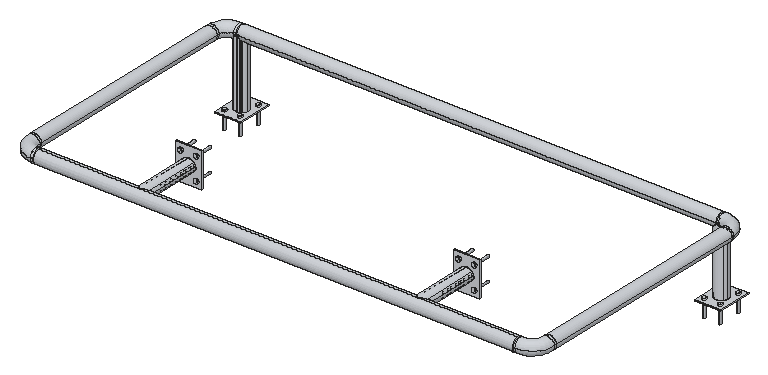
Revit family "АВЛН_Колесоотбойник_Крепление к стене", category Каркас несущий, Revit 2019
Family settings
  Округление длины несущего каркаса = 0 мм
  Форма сечения = Не задано
  Материал для поведения модели = Прочее
  Всегда экспортировать в виде геометрии = Нет
  На основе рабочей плоскости = Нет
  Всегда вертикально = Да
  При загрузке вырезать с полостями = Нет
  Условное обозначение = Из семейства
  Общий = Нет
  Показывать семейство разрезанным на планах = Да
Parameters (values of type "Тест")
  Ширина вспомогательная = ADSK_Размер_Ширина - r.профиля  # 1462 mm
  Смещение горизонтальных опор = 800 mm
  Длина вспомогательная = ADSK_Размер_Длина - r.профиля  # 2962 mm
  Группа модели = "Колесоотбойник"
  Высота вспомогательная = ADSK_Размер_Высота - r.профиля  # 362 mm
  Вынос крепления к стене = 400 mm
  r.профиля = 38 mm  # constant formula
  ADSK_Размер_Ширина = 1500 mm
  ADSK_Размер_Длина = 3000 mm
  ADSK_Размер_Диаметр [instance] = r.профиля * 2  # 76 mm
  ADSK_Размер_Высота = 400 mm
Reference planes
  plane 1 "По центру (Вперед/Назад)": y = 0
  plane 2: z = 0
  plane 3 "По центру (Влево/Вправо)": x = 0
  plane 4: x = -1481
  plane 5: x = 1481
  plane 6: y = 1462
  plane 7: x = -1381
  plane 8: x = 1381
  plane 9: y = 1362
  plane 10: y = 100
  plane 11: z = 400
  plane 12: x = -1751
  plane 13: x = 1751
  plane 14: x = 800
  plane 15: x = -800
Lines and regions (mm)
  symbolic lines, style "Осевые линии", not visible
    curve 1: line (-1631, 1462, 0) -> (1631, 1462, 0)
    curve 4: line (1481, -150, 0) -> (1481, 1612, 0)
  symbolic lines, style "Осевые линии"
    curve 2: line (-1631, 0, 0) -> (1631, 0, 0)
    curve 3: line (-1481, -150, 0) -> (-1481, 1612, 0)
Dimensions and locks
  equal spacing: plane 4, plane 3 "По центру (Влево/Вправо)", plane 5
  "Длина вспомогательная": plane 4 to plane 5
  "Ширина вспомогательная": plane 6 to plane 1 "По центру (Вперед/Назад)"
  locked: plane 4 to plane 7 at 100
  locked: plane 8 to plane 5 at 100
  locked: plane 10 to plane 1 "По центру (Вперед/Назад)" at 100
  "ADSK_Размер_Высота": level to plane 11
  locked: plane 5 to curve 1 at 150
  locked: curve 1 to plane 4 at 150
  locked: plane 5 to curve 2 at 150
  locked: curve 2 to plane 4 at 150
  locked: curve 3 to plane 1 "По центру (Вперед/Назад)" at 150
  locked: curve 3 to plane 6 at 150
  locked: curve 1 to curve 4 at 150
  locked: curve 4 to plane 1 "По центру (Вперед/Назад)" at 150
  locked: plane 5 to plane 13 at 270
  locked: plane 12 to plane 4 at 270
  locked: plane 6 to plane 9 at 100
  equal spacing: plane 15, plane 3 "По центру (Влево/Вправо)", plane 14
  "Смещение горизонтальных опор": plane 15 to plane 3 "По центру (Влево/Вправо)"
  aligned and locked: level to plane 2
  aligned and locked: nested 1 to plane 6
  aligned and locked: plane 6 to nested 7
  aligned and locked: plane 6 to nested 8
  aligned and locked: nested 2 to plane 6
  aligned and locked: nested 16 to plane 5
  aligned and locked: plane 6 to nested 16
  aligned and locked: nested 15 to plane 1 "По центру (Вперед/Назад)"
  aligned and locked: plane 5 to nested 15
  aligned and locked: plane 1 "По центру (Вперед/Назад)" to nested 14
  aligned and locked: plane 4 to nested 14
  aligned and locked: nested 13 to plane 4
  aligned and locked: nested 13 to plane 6
  aligned and locked: curve 1 to plane 6
  aligned and locked: plane 1 "По центру (Вперед/Назад)" to curve 2
  aligned and locked: plane 4 to curve 3
  aligned and locked: plane 5 to curve 4
  aligned and locked: plane 1 "По центру (Вперед/Назад)" to nested 17
  aligned and locked: plane 9 to nested 18
  aligned and locked: nested 18 to plane 5
  aligned and locked: plane 8 to nested 19
  aligned and locked: plane 6 to nested 19
  aligned and locked: plane 9 to nested 20
  aligned and locked: nested 20 to plane 4
  aligned and locked: nested 19 to plane 11
  aligned and locked: nested 17 to plane 11
  aligned and locked: nested 20 to plane 11
  aligned and locked: nested 18 to plane 11
  aligned and locked: plane 8 to nested 17
  aligned and locked: plane 11 to nested 15
  aligned and locked: plane 7 to nested 1
  aligned and locked: plane 8 to nested 7
  aligned and locked: nested 27 to plane 14
  aligned and locked: nested 34 to plane 15
  aligned and locked: plane 11 to nested 34
  aligned and locked: plane 11 to nested 27
  aligned and locked: plane 1 "По центру (Вперед/Назад)" to nested 34
  aligned and locked: plane 1 "По центру (Вперед/Назад)" to nested 27
  aligned and locked: plane 11 to nested 14
  aligned and locked: plane 11 to nested 13
  aligned and locked: plane 11 to nested 16
Nested families
  nested 1: "Соединительны элементы" at (-1381, 1462, 0), Высота поры <- "ADSK_Размер_Высота", Высота <- "ADSK_Размер_Высота", Диаметр <- "ADSK_Размер_Диаметр", type "Опора тип 1"
    with Диаметр 76 mm, Высота поры 400 mm, Высота 400 mm
  nested 2: "Опорная пластина-Ог" at (-1381, 1462, 0), type "Опорная пластина"
    with Ширина 150 mm, Толщина 6 mm, Высота 200 mm, ADSK_Этаж "", ADSK_Размер_Ширина 150 mm, ADSK_Размер_Толщина 6 mm, ADSK_Размер_Длина 200 mm, ADSK_Размер_Высота 200 mm, ADSK_Позиция "", ADSK_Обозначение "ГОСТ 19903-74", ADSK_Номер секции "", ADSK_Наименование "Лист", ADSK_Масса погонного метра 78.5, ADSK_Масса 2.355, ADSK_Марка "", ADSK_Группирование ""
  nested 3: "Дюбель-Ог2" at (-1426, 1397, 8) x (0, 0, -1) z (0, -1, 0), type "Дюбель"
    with Этаж 0, ADSK_Этаж "", ADSK_Размер_Длина 100 mm, ADSK_Размер_Диаметр 12 mm, ADSK_Номер секции "", ADSK_Наименование "Анкер", ADSK_Масса погонного метра 0.9, ADSK_Масса 0.09, ADSK_Марка "", ADSK_Группирование ""
  nested 4: "Дюбель-Ог2" at (-1336, 1397, 8) x (0, 0, -1) z (0, -1, 0), type "Дюбель"
    with Этаж 0, ADSK_Этаж "", ADSK_Размер_Длина 100 mm, ADSK_Размер_Диаметр 12 mm, ADSK_Номер секции "", ADSK_Наименование "Анкер", ADSK_Масса погонного метра 0.9, ADSK_Масса 0.09, ADSK_Марка "", ADSK_Группирование ""
  nested 5: "Дюбель-Ог2" at (-1426, 1527, 8) x (0, 0, -1) z (0, -1, 0), type "Дюбель"
    with Этаж 0, ADSK_Этаж "", ADSK_Размер_Длина 100 mm, ADSK_Размер_Диаметр 12 mm, ADSK_Номер секции "", ADSK_Наименование "Анкер", ADSK_Масса погонного метра 0.9, ADSK_Масса 0.09, ADSK_Марка "", ADSK_Группирование ""
  nested 6: "Дюбель-Ог2" at (-1336, 1527, 8) x (0, 0, -1) z (0, -1, 0), type "Дюбель"
    with Этаж 0, ADSK_Этаж "", ADSK_Размер_Длина 100 mm, ADSK_Размер_Диаметр 12 mm, ADSK_Номер секции "", ADSK_Наименование "Анкер", ADSK_Масса погонного метра 0.9, ADSK_Масса 0.09, ADSK_Марка "", ADSK_Группирование ""
  nested 7: "Соединительны элементы" at (1381, 1462, 0) x (-1, 0, 0) z (0, 0, 1), Высота поры <- "ADSK_Размер_Высота", Диаметр <- "ADSK_Размер_Диаметр", Высота <- "ADSK_Размер_Высота", type "Опора тип 1"
    with Диаметр 76 mm, Высота поры 400 mm, Высота 400 mm
  nested 8: "Опорная пластина-Ог" at (1381, 1462, 0) x (-1, 0, 0) z (0, 0, 1), type "Опорная пластина"
    with Ширина 150 mm, Толщина 6 mm, Высота 200 mm, ADSK_Этаж "", ADSK_Размер_Ширина 150 mm, ADSK_Размер_Толщина 6 mm, ADSK_Размер_Длина 200 mm, ADSK_Размер_Высота 200 mm, ADSK_Позиция "", ADSK_Обозначение "ГОСТ 19903-74", ADSK_Номер секции "", ADSK_Наименование "Лист", ADSK_Масса погонного метра 78.5, ADSK_Масса 2.355, ADSK_Марка "", ADSK_Группирование ""
  nested 9: "Дюбель-Ог2" at (1426, 1397, 8) x (0, 0, -1) z (0, -1, 0), type "Дюбель"
    with Этаж 0, ADSK_Этаж "", ADSK_Размер_Длина 100 mm, ADSK_Размер_Диаметр 12 mm, ADSK_Номер секции "", ADSK_Наименование "Анкер", ADSK_Масса погонного метра 0.9, ADSK_Масса 0.09, ADSK_Марка "", ADSK_Группирование ""
  nested 10: "Дюбель-Ог2" at (1336, 1397, 8) x (0, 0, -1) z (0, -1, 0), type "Дюбель"
    with Этаж 0, ADSK_Этаж "", ADSK_Размер_Длина 100 mm, ADSK_Размер_Диаметр 12 mm, ADSK_Номер секции "", ADSK_Наименование "Анкер", ADSK_Масса погонного метра 0.9, ADSK_Масса 0.09, ADSK_Марка "", ADSK_Группирование ""
  nested 11: "Дюбель-Ог2" at (1426, 1527, 8) x (0, 0, -1) z (0, -1, 0), type "Дюбель"
    with Этаж 0, ADSK_Этаж "", ADSK_Размер_Длина 100 mm, ADSK_Размер_Диаметр 12 mm, ADSK_Номер секции "", ADSK_Наименование "Анкер", ADSK_Масса погонного метра 0.9, ADSK_Масса 0.09, ADSK_Марка "", ADSK_Группирование ""
  nested 12: "Дюбель-Ог2" at (1336, 1527, 8) x (0, 0, -1) z (0, -1, 0), type "Дюбель"
    with Этаж 0, ADSK_Этаж "", ADSK_Размер_Длина 100 mm, ADSK_Размер_Диаметр 12 mm, ADSK_Номер секции "", ADSK_Наименование "Анкер", ADSK_Масса погонного метра 0.9, ADSK_Масса 0.09, ADSK_Марка "", ADSK_Группирование ""
  nested 13: "Соединительны элементы" at (-1438.882, 1419.95, 0) x (-1, 0, 0) z (0, 0, 1), Высота поры <- "ADSK_Размер_Высота", Высота <- "ADSK_Размер_Высота", Диаметр <- "ADSK_Размер_Диаметр", type "Соединительная деталь"
    with Диаметр 76 mm, Высота поры 400 mm, Высота 400 mm
  nested 14: "Соединительны элементы" at (-1438.95, 42.118, 0) x (0, -1, 0) z (0, 0, 1), Высота поры <- "ADSK_Размер_Высота", Высота <- "ADSK_Размер_Высота", Диаметр <- "ADSK_Размер_Диаметр", type "Соединительная деталь"
    with Диаметр 76 mm, Высота поры 400 mm, Высота 400 mm
  nested 15: "Соединительны элементы" at (1438.882, 42.05, 0), Высота поры <- "ADSK_Размер_Высота", Высота <- "ADSK_Размер_Высота", Диаметр <- "ADSK_Размер_Диаметр", type "Соединительная деталь"
    with Диаметр 76 mm, Высота поры 400 mm, Высота 400 mm
  nested 16: "Соединительны элементы" at (1438.95, 1419.882, 0) x (0, 1, 0) z (0, 0, 1), Высота поры <- "ADSK_Размер_Высота", Высота <- "ADSK_Размер_Высота", Диаметр <- "ADSK_Размер_Диаметр", type "Соединительная деталь"
    with Диаметр 76 mm, Высота поры 400 mm, Высота 400 mm
  nested 17: "Труба" at (-1381, 0, 400) x (0, 0, -1) z (1, 0, 0), ADSK_Размер_Диаметр <- "ADSK_Размер_Диаметр", type "Труба Круглая"
    with Ширина 0 mm, Высота 0 mm, ADSK_Этаж "", ADSK_Размер_Ширина 0 mm, ADSK_Размер_Длина 2762 mm, ADSK_Размер_Диаметр 76 mm, ADSK_Позиция "", ADSK_Обозначение "ГОСТ 8732-78", ADSK_Номер секции "", ADSK_Наименование "Труба круглого сечения", ADSK_Масса погонного метра 5.4, ADSK_Масса 14.9148, ADSK_Марка "", ADSK_Группирование ""
  nested 18: "Труба" at (1481, 100, 400) x (-1, 0, 0) z (0, 1, 0), ADSK_Размер_Диаметр <- "ADSK_Размер_Диаметр", type "Труба Круглая"
    with Ширина 0 mm, Высота 0 mm, ADSK_Этаж "", ADSK_Размер_Ширина 0 mm, ADSK_Размер_Длина 1262 mm, ADSK_Размер_Диаметр 76 mm, ADSK_Позиция "", ADSK_Обозначение "ГОСТ 8732-78", ADSK_Номер секции "", ADSK_Наименование "Труба круглого сечения", ADSK_Масса погонного метра 5.4, ADSK_Масса 6.8148, ADSK_Марка "", ADSK_Группирование ""
  nested 19: "Труба" at (-1381, 1462, 400) x (0, 1, 0) z (1, 0, 0), built-in parameter 1001360 <- "ADSK_Размер_Высота", ADSK_Размер_Диаметр <- "ADSK_Размер_Диаметр", type "Труба Круглая"
    with Ширина 0 mm, Высота 0 mm, ADSK_Этаж "", ADSK_Размер_Ширина 0 mm, ADSK_Размер_Длина 2762 mm, ADSK_Размер_Диаметр 76 mm, ADSK_Позиция "", ADSK_Обозначение "ГОСТ 8732-78", ADSK_Номер секции "", ADSK_Наименование "Труба круглого сечения", ADSK_Масса погонного метра 5.4, ADSK_Масса 14.9148, ADSK_Марка "", ADSK_Группирование ""
  nested 20: "Труба" at (-1481, 100, 400) x (-1, 0, 0) z (0, 1, 0), ADSK_Размер_Диаметр <- "ADSK_Размер_Диаметр", type "Труба Круглая"
    with Ширина 0 mm, Высота 0 mm, ADSK_Этаж "", ADSK_Размер_Ширина 0 mm, ADSK_Размер_Длина 1262 mm, ADSK_Размер_Диаметр 76 mm, ADSK_Позиция "", ADSK_Обозначение "ГОСТ 8732-78", ADSK_Номер секции "", ADSK_Наименование "Труба круглого сечения", ADSK_Масса погонного метра 5.4, ADSK_Масса 6.8148, ADSK_Марка "", ADSK_Группирование ""
  nested 21: "Отвод" at (-1438.882, 1419.95, 40.85) x (-1, 0, 0) z (0, 0, 1), type "Отвод"
    with ADSK_Этаж "", ADSK_Размер_Длина 0 mm, ADSK_Размер_Диаметр 76 mm, ADSK_Позиция "", ADSK_Обозначение "ГОСТ 17375-2001", ADSK_Номер секции "", ADSK_Наименование "Отвод круглого сечения 90", ADSK_Материал обозначение "", ADSK_Масса погонного метра 0, ADSK_Масса 0.8
  nested 22: "Отвод" at (-1438.95, 42.118, 40.85) x (0, -1, 0) z (0, 0, 1), type "Отвод"
    with ADSK_Этаж "", ADSK_Размер_Длина 0 mm, ADSK_Размер_Диаметр 76 mm, ADSK_Позиция "", ADSK_Обозначение "ГОСТ 17375-2001", ADSK_Номер секции "", ADSK_Наименование "Отвод круглого сечения 90", ADSK_Материал обозначение "", ADSK_Масса погонного метра 0, ADSK_Масса 0.8
  nested 23: "Отвод" at (1438.882, 42.05, 40.85), type "Отвод"
    with ADSK_Этаж "", ADSK_Размер_Длина 0 mm, ADSK_Размер_Диаметр 76 mm, ADSK_Позиция "", ADSK_Обозначение "ГОСТ 17375-2001", ADSK_Номер секции "", ADSK_Наименование "Отвод круглого сечения 90", ADSK_Материал обозначение "", ADSK_Масса погонного метра 0, ADSK_Масса 0.8
  nested 24: "Отвод" at (1438.95, 1419.882, 40.85) x (0, 1, 0) z (0, 0, 1), type "Отвод"
    with ADSK_Этаж "", ADSK_Размер_Длина 0 mm, ADSK_Размер_Диаметр 76 mm, ADSK_Позиция "", ADSK_Обозначение "ГОСТ 17375-2001", ADSK_Номер секции "", ADSK_Наименование "Отвод круглого сечения 90", ADSK_Материал обозначение "", ADSK_Масса погонного метра 0, ADSK_Масса 0.8
  nested 25: "Труба" at (-1381, 1462, 0), type "Труба Круглая"
    with Ширина 0 mm, Высота 0 mm, ADSK_Этаж "", ADSK_Размер_Ширина 0 mm, ADSK_Размер_Длина 400 mm, ADSK_Размер_Диаметр 76 mm, ADSK_Позиция "", ADSK_Обозначение "ГОСТ 8732-78", ADSK_Номер секции "", ADSK_Наименование "Труба круглого сечения", ADSK_Масса погонного метра 5.4, ADSK_Масса 2.16, ADSK_Марка "", ADSK_Группирование ""
  nested 26: "Труба" at (1381, 1462, 0) x (-1, 0, 0) z (0, 0, 1), type "Труба Круглая"
    with Ширина 0 mm, Высота 0 mm, ADSK_Этаж "", ADSK_Размер_Ширина 0 mm, ADSK_Размер_Длина 400 mm, ADSK_Размер_Диаметр 76 mm, ADSK_Позиция "", ADSK_Обозначение "ГОСТ 8732-78", ADSK_Номер секции "", ADSK_Наименование "Труба круглого сечения", ADSK_Масса погонного метра 5.4, ADSK_Масса 2.16, ADSK_Марка "", ADSK_Группирование ""
  nested 27: "Соединительны элементы" at (800, 362, 400) x (-1, 0, 0) z (0, -1, 0), Диаметр <- "ADSK_Размер_Диаметр", Высота <- "Вынос крепления к стене", type "Опора тип 1"
    with Диаметр 76 mm, Высота поры 362 mm, Высота 400 mm
  nested 28: "Опорная пластина-Ог" at (800, 362, 400) x (-1, 0, 0) z (0, -1, 0), type "Опорная пластина"
    with Ширина 150 mm, Толщина 6 mm, Высота 200 mm, ADSK_Этаж "", ADSK_Размер_Ширина 150 mm, ADSK_Размер_Толщина 6 mm, ADSK_Размер_Длина 200 mm, ADSK_Размер_Высота 200 mm, ADSK_Позиция "", ADSK_Обозначение "ГОСТ 19903-74", ADSK_Номер секции "", ADSK_Наименование "Лист", ADSK_Масса погонного метра 78.5, ADSK_Масса 2.355, ADSK_Марка "", ADSK_Группирование ""
  nested 29: "Дюбель-Ог2" at (845, 354, 465) x (0, 1, 0) z (0, 0, 1), type "Дюбель"
    with Этаж 0, ADSK_Этаж "", ADSK_Размер_Длина 100 mm, ADSK_Размер_Диаметр 12 mm, ADSK_Номер секции "", ADSK_Наименование "Анкер", ADSK_Масса погонного метра 0.9, ADSK_Масса 0.09, ADSK_Марка "", ADSK_Группирование ""
  nested 30: "Дюбель-Ог2" at (755, 354, 465) x (0, 1, 0) z (0, 0, 1), type "Дюбель"
    with Этаж 0, ADSK_Этаж "", ADSK_Размер_Длина 100 mm, ADSK_Размер_Диаметр 12 mm, ADSK_Номер секции "", ADSK_Наименование "Анкер", ADSK_Масса погонного метра 0.9, ADSK_Масса 0.09, ADSK_Марка "", ADSK_Группирование ""
  nested 31: "Дюбель-Ог2" at (845, 354, 335) x (0, 1, 0) z (0, 0, 1), type "Дюбель"
    with Этаж 0, ADSK_Этаж "", ADSK_Размер_Длина 100 mm, ADSK_Размер_Диаметр 12 mm, ADSK_Номер секции "", ADSK_Наименование "Анкер", ADSK_Масса погонного метра 0.9, ADSK_Масса 0.09, ADSK_Марка "", ADSK_Группирование ""
  nested 32: "Дюбель-Ог2" at (755, 354, 335) x (0, 1, 0) z (0, 0, 1), type "Дюбель"
    with Этаж 0, ADSK_Этаж "", ADSK_Размер_Длина 100 mm, ADSK_Размер_Диаметр 12 mm, ADSK_Номер секции "", ADSK_Наименование "Анкер", ADSK_Масса погонного метра 0.9, ADSK_Масса 0.09, ADSK_Марка "", ADSK_Группирование ""
  nested 33: "Труба" at (800, 362, 400) x (-1, 0, 0) z (0, -1, 0), type "Труба Круглая"
    with Ширина 0 mm, Высота 0 mm, ADSK_Этаж "", ADSK_Размер_Ширина 0 mm, ADSK_Размер_Длина 362 mm, ADSK_Размер_Диаметр 76 mm, ADSK_Позиция "", ADSK_Обозначение "ГОСТ 8732-78", ADSK_Номер секции "", ADSK_Наименование "Труба круглого сечения", ADSK_Масса погонного метра 5.4, ADSK_Масса 1.9548, ADSK_Марка "", ADSK_Группирование ""
  nested 34: "Соединительны элементы" at (-800, 362, 400) x (-1, 0, 0) z (0, -1, 0), Диаметр <- "ADSK_Размер_Диаметр", Высота <- "Вынос крепления к стене", type "Опора тип 1"
    with Диаметр 76 mm, Высота поры 362 mm, Высота 400 mm
  nested 35: "Опорная пластина-Ог" at (-800, 362, 400) x (-1, 0, 0) z (0, -1, 0), type "Опорная пластина"
    with Ширина 150 mm, Толщина 6 mm, Высота 200 mm, ADSK_Этаж "", ADSK_Размер_Ширина 150 mm, ADSK_Размер_Толщина 6 mm, ADSK_Размер_Длина 200 mm, ADSK_Размер_Высота 200 mm, ADSK_Позиция "", ADSK_Обозначение "ГОСТ 19903-74", ADSK_Номер секции "", ADSK_Наименование "Лист", ADSK_Масса погонного метра 78.5, ADSK_Масса 2.355, ADSK_Марка "", ADSK_Группирование ""
  nested 36: "Дюбель-Ог2" at (-755, 354, 465) x (0, 1, 0) z (0, 0, 1), type "Дюбель"
    with Этаж 0, ADSK_Этаж "", ADSK_Размер_Длина 100 mm, ADSK_Размер_Диаметр 12 mm, ADSK_Номер секции "", ADSK_Наименование "Анкер", ADSK_Масса погонного метра 0.9, ADSK_Масса 0.09, ADSK_Марка "", ADSK_Группирование ""
  nested 37: "Дюбель-Ог2" at (-845, 354, 465) x (0, 1, 0) z (0, 0, 1), type "Дюбель"
    with Этаж 0, ADSK_Этаж "", ADSK_Размер_Длина 100 mm, ADSK_Размер_Диаметр 12 mm, ADSK_Номер секции "", ADSK_Наименование "Анкер", ADSK_Масса погонного метра 0.9, ADSK_Масса 0.09, ADSK_Марка "", ADSK_Группирование ""
  nested 38: "Дюбель-Ог2" at (-755, 354, 335) x (0, 1, 0) z (0, 0, 1), type "Дюбель"
    with Этаж 0, ADSK_Этаж "", ADSK_Размер_Длина 100 mm, ADSK_Размер_Диаметр 12 mm, ADSK_Номер секции "", ADSK_Наименование "Анкер", ADSK_Масса погонного метра 0.9, ADSK_Масса 0.09, ADSK_Марка "", ADSK_Группирование ""
  nested 39: "Дюбель-Ог2" at (-845, 354, 335) x (0, 1, 0) z (0, 0, 1), type "Дюбель"
    with Этаж 0, ADSK_Этаж "", ADSK_Размер_Длина 100 mm, ADSK_Размер_Диаметр 12 mm, ADSK_Номер секции "", ADSK_Наименование "Анкер", ADSK_Масса погонного метра 0.9, ADSK_Масса 0.09, ADSK_Марка "", ADSK_Группирование ""
  nested 40: "Труба" at (-800, 362, 400) x (-1, 0, 0) z (0, -1, 0), type "Труба Круглая"
    with Ширина 0 mm, Высота 0 mm, ADSK_Этаж "", ADSK_Размер_Ширина 0 mm, ADSK_Размер_Длина 362 mm, ADSK_Размер_Диаметр 76 mm, ADSK_Позиция "", ADSK_Обозначение "ГОСТ 8732-78", ADSK_Номер секции "", ADSK_Наименование "Труба круглого сечения", ADSK_Масса погонного метра 5.4, ADSK_Масса 1.9548, ADSK_Марка "", ADSK_Группирование ""
Definition of nested family "Соединительны элементы"
  Parameters (values of type "Соединительная деталь")
    Соединительная деталь = yes
    Default Elevation = 1219.2 mm
    Опора = no
    Крепеж = no
    Диаметр [instance] = 76 mm
    Model = "Элемент ограждения"
    Высота поры [instance] = Высота - Диаметр / 2  # 162 mm
    Высота [instance] = 200 mm
  Types (2, lengths in mm): name | Соединительная деталь | Опора | Крепеж | Model | Высота поры | Высота
    Опора тип 1 | no | yes | yes | "" | 462 | 500
    Соединительная деталь | yes | no | no | "Элемент ограждения" | 162 | 200
  Reference planes
    plane 1 "По центру (Вперед/Назад)": y = 0
    plane 2: z = 0
    plane 3 "По центру (Влево/Вправо)": x = 0
    plane 4: z = 162
    plane 5: x = 42.118
    plane 6: y = -42.05
  Forms (mm)
    Extrusion 1, solid, visible <- "Крепеж"
      sketch origin (0, 0, 0) x (1, 0, 0) y (0, 1, 0)
        loop
          circle (0, 0) r 38
      from 6 to 162
  Dimensions and locks
    "Высота поры": level to plane 4
    plane 6 to plane 1 "По центру (Вперед/Назад)" = 42.05 mm
    plane 3 "По центру (Влево/Вправо)" to plane 5 = 42.118 mm
    nested 4 to plane 3 "По центру (Влево/Вправо)" to nested 5 = 45 mm, 45 mm
    nested 2 to plane 1 "По центру (Вперед/Назад)" to nested 4 = 65 mm, 65 mm
    nested 2 to plane 3 "По центру (Влево/Вправо)" to nested 3 = 45 mm, 45 mm
    nested 3 to plane 1 "По центру (Вперед/Назад)" to nested 5 = 65 mm, 65 mm
    aligned and locked: level to plane 2
    aligned and locked: nested 1 to level
    aligned and locked: plane 4 to Extrusion 1
    aligned and locked: Extrusion 1 to nested 1
    aligned and locked: plane 4 to nested 6
    aligned and locked: plane 1 "По центру (Вперед/Назад)" to nested 6
    aligned and locked: plane 3 "По центру (Влево/Вправо)" to nested 6
    aligned and locked: plane 4 to nested 7
  Automatic sketch dimensions
    plane 1 "По центру (Вперед/Назад)" to Extrusion 1 sketch curve = 0 mm
    Extrusion 1 sketch curve to plane 3 "По центру (Влево/Вправо)" = 0 mm
    radius of Extrusion 1 sketch curve = 38 mm
  Nested families
    nested 1: "Опорная пластина-Ог" at (0, 0, 0), visible <- "Крепеж", type "Опорная пластина"
      with Ширина 150 mm, Толщина 6 mm, Высота 200 mm, ADSK_Этаж "", ADSK_Размер_Ширина 150 mm, ADSK_Размер_Толщина 6 mm, ADSK_Размер_Длина 200 mm, ADSK_Размер_Высота 200 mm, ADSK_Позиция "", ADSK_Обозначение "ГОСТ 19903-74", ADSK_Номер секции "", ADSK_Наименование "Лист", ADSK_Масса погонного метра 78.5, ADSK_Масса 2.355, ADSK_Марка "", ADSK_Группирование ""
    nested 2: "Дюбель-Ог2" at (-45, -65, 8) x (0, 0, -1) z (0, -1, 0), visible <- "Крепеж", type "Дюбель"
      with Этаж 0, ADSK_Этаж "", ADSK_Размер_Длина 100 mm, ADSK_Размер_Диаметр 12 mm, ADSK_Номер секции "", ADSK_Наименование "Анкер", ADSK_Масса погонного метра 0.9, ADSK_Масса 0.09, ADSK_Марка "", ADSK_Группирование ""
    nested 3: "Дюбель-Ог2" at (45, -65, 8) x (0, 0, -1) z (0, -1, 0), visible <- "Крепеж", type "Дюбель"
      with Этаж 0, ADSK_Этаж "", ADSK_Размер_Длина 100 mm, ADSK_Размер_Диаметр 12 mm, ADSK_Номер секции "", ADSK_Наименование "Анкер", ADSK_Масса погонного метра 0.9, ADSK_Масса 0.09, ADSK_Марка "", ADSK_Группирование ""
    nested 4: "Дюбель-Ог2" at (-45, 65, 8) x (0, 0, -1) z (0, -1, 0), visible <- "Крепеж", type "Дюбель"
      with Этаж 0, ADSK_Этаж "", ADSK_Размер_Длина 100 mm, ADSK_Размер_Диаметр 12 mm, ADSK_Номер секции "", ADSK_Наименование "Анкер", ADSK_Масса погонного метра 0.9, ADSK_Масса 0.09, ADSK_Марка "", ADSK_Группирование ""
    nested 5: "Дюбель-Ог2" at (45, 65, 8) x (0, 0, -1) z (0, -1, 0), visible <- "Крепеж", type "Дюбель"
      with Этаж 0, ADSK_Этаж "", ADSK_Размер_Длина 100 mm, ADSK_Размер_Диаметр 12 mm, ADSK_Номер секции "", ADSK_Наименование "Анкер", ADSK_Масса погонного метра 0.9, ADSK_Масса 0.09, ADSK_Марка "", ADSK_Группирование ""
    nested 6: "Труба" at (0, 0, 0), ADSK_Размер_Диаметр <- "Диаметр", visible <- "Опора", type "Труба Круглая"
      with Ширина 0 mm, Высота 0 mm, ADSK_Этаж "", ADSK_Размер_Ширина 0 mm, ADSK_Размер_Длина 162 mm, ADSK_Размер_Диаметр 76 mm, ADSK_Позиция "", ADSK_Обозначение "ГОСТ 8732-78", ADSK_Номер секции "", ADSK_Наименование "Труба круглого сечения", ADSK_Масса погонного метра 5.4, ADSK_Масса 0.8748, ADSK_Марка "", ADSK_Группирование ""
    nested 7: "Отвод" at (0, 0, -197.15), visible <- "Соединительная деталь", ADSK_Размер_Диаметр <- "Диаметр", type "Отвод"
      with ADSK_Этаж "", ADSK_Размер_Длина 0 mm, ADSK_Размер_Диаметр 76 mm, ADSK_Позиция "", ADSK_Обозначение "ГОСТ 17375-2001", ADSK_Номер секции "", ADSK_Наименование "Отвод круглого сечения 90", ADSK_Материал обозначение "", ADSK_Масса погонного метра 0, ADSK_Масса 0.8
  Definition of nested family "Опорная пластина-Ог"
    Parameters (values of type "Опорная пластина")
      Ширина [instance] = 80 mm
      Толщина [instance] = 10 mm
      Default Elevation = 1219.2 mm
      О.отверстий = 20 mm
      М = none
      Model = "Элемент ограждения"  # constant formula
      Высота [instance] = 120 mm
      D.отв. = 10 mm
      ADSK_Этаж [instance] = ""
      ADSK_Размер_Ширина [instance] = Ширина  # 80 mm
      ADSK_Размер_Толщина [instance] = Толщина  # 10 mm
      ADSK_Размер_Длина [instance] = Высота  # 120 mm
      ADSK_Размер_Высота [instance] = Высота  # 120 mm
      ADSK_Позиция [instance] = ""
      ADSK_Обозначение [instance] = "ГОСТ 19903-74"  # constant formula
      ADSK_Номер секции [instance] = ""
      ADSK_Наименование [instance] = "Лист"  # constant formula
      ADSK_Материал обозначение = "С245 ГОСТ 27772-88*"  # constant formula
      ADSK_Масса погонного метра [instance] = 78.5
      ADSK_Масса [instance] = ADSK_Масса погонного метра * (Высота * Ширина) / 1.00 m²  # 0.7536
      ADSK_Марка [instance] = ""
      ADSK_Группирование [instance] = ""
    Reference planes
      plane 1 "По центру (Вперед/Назад)": y = 0
      plane 2: z = 0
      plane 3 "По центру (Влево/Вправо)": x = 0
      plane 4: x = -40
      plane 5: y = -60
      plane 6: y = 60
      plane 7: x = 40
      plane 8: z = 10
      plane 9: x = -20
      plane 10: x = 20
      plane 11: y = -40
      plane 12: y = 40
    Forms (mm)
      Extrusion 1, solid
        sketch origin (0, 0, 0) x (1, 0, 0) y (0, 1, 0)
          loop
            line (-1219.2, 1219.2) -> (-1219.2, -1219.2) -> (1219.2, -1219.2) -> (1219.2, 1219.2) -> (-1219.2, 1219.2)
        from 0 to -304.8
      Extrusion 2, solid, material <- "М"
        sketch origin (0, 0, 0) x (1, 0, 0) y (0, 1, 0)
          loop
            line (-40, 60) -> (-40, -60) -> (40, -60) -> (40, 60) -> (-40, 60)
        from 0 to 10
    Dimensions and locks
      equal spacing: plane 4, plane 3 "По центру (Влево/Вправо)", plane 7
      equal spacing: plane 6, plane 1 "По центру (Вперед/Назад)", plane 5
      "Ширина": plane 4 to plane 7
      "Высота": plane 5 to plane 6
      "Толщина": plane 8 to plane 2
      "О.отверстий": plane 4 to plane 9
      "О.отверстий": plane 10 to plane 7
      "О.отверстий": plane 12 to plane 6
      "О.отверстий": plane 11 to plane 5
      aligned and locked: plane 2 to Extrusion 1
      aligned and locked: level to Extrusion 1
      aligned and locked: Extrusion 2 sketch curve to plane 4
      aligned and locked: plane 7 to Extrusion 2 sketch curve
      aligned and locked: plane 6 to Extrusion 2 sketch curve
      aligned and locked: Extrusion 2 sketch curve to plane 5
      aligned and locked: plane 8 to Extrusion 2
    Automatic sketch dimensions
      Extrusion 1 sketch curve to Extrusion 1 sketch curve = 2438.4 mm  (x2)
  Definition of nested family "Дюбель-Ог2"
    Parameters (values of type "Дюбель")
      Этаж [instance] = 0
      Ш = 1040 mm
      Default Elevation = 1219.2 mm
      Type Comments = "3"
      Model = "Элемент ограждения"  # constant formula
      Di = 25 mm
      ADSK_Этаж [instance] = ""
      ADSK_Размер_Длина [instance] = 100 mm
      ADSK_Размер_Диаметр [instance] = 12 mm
      ADSK_Обозначение = "Koelner SA или аналог"  # constant formula
      ADSK_Номер секции [instance] = ""
      ADSK_Наименование [instance] = "Анкер"  # constant formula
      ADSK_Масса погонного метра [instance] = 0.9  # constant formula
      ADSK_Масса [instance] = ADSK_Масса погонного метра * ADSK_Размер_Длина / 1000 mm  # 0.09
      ADSK_Марка изделия = "Крепежные элементы"  # constant formula
      ADSK_Марка [instance] = ""
      ADSK_Группирование [instance] = ""
    Reference planes
      plane 1 "По центру (Вперед/Назад)": y = 0
      plane 2: z = 0
      plane 3 "По центру (Влево/Вправо)": x = 0
      plane 4: z = 12.5
      plane 5: z = -12.5
      plane 6: x = -3
      plane 7: z = 6
      plane 8: z = -6
      plane 9: x = 100
    Forms (mm)
      Revolve 1, solid
        sketch origin (0, 0, 0) x (1, 0, 0) y (0, 0, 1)
          loop
            line (-3, 0) -> (100, 0) -> (100, 6) -> (0, 6) -> (0, 12.5) -> (-3, 12.5) -> (-3, 0)
          axis (100, 0) -> (-3, 0)
        angle from 0 to 360
    Lines and regions (mm)
      symbolic lines
        curve 1: circle (0, 0, 0) r 12.5 normal (1, 0, 0)
        curve 2: line (-3, 0, -12.5) -> (-3, 0, 12.5)
        curve 3: line (-3, 0, 12.5) -> (0, 0, 12.5)
        curve 4: line (0, 0, 12.5) -> (0, 0, 0)
        curve 5: line (0, 0, 6) -> (100, 0, 6)
        curve 6: line (100, 0, 6) -> (100, 0, -6)
        curve 7: line (100, 0, -6) -> (0, 0, -6)
        curve 8: line (0, 0, 0) -> (0, 0, -12.5)
        curve 9: line (0, 0, -12.5) -> (-3, 0, -12.5)
    Dimensions and locks
      equal spacing: plane 4, level, plane 5
      "Di": plane 4 to plane 5
      plane 3 "По центру (Влево/Вправо)" to plane 6 = 3 mm
      "ADSK_Размер_Длина": plane 9 to plane 3 "По центру (Влево/Вправо)"
      equal spacing: plane 7, level, plane 8
      "ADSK_Размер_Диаметр": plane 7 to plane 8
      "Di": diameter of curve 1
      aligned and locked: level to plane 2
    Automatic sketch dimensions
      Revolve 1 sketch curve to level = 0 mm  (x2)
      Revolve 1 sketch curve to plane 6 = 0 mm
      Revolve 1 sketch curve to plane 3 "По центру (Влево/Вправо)" = 0 mm
      Revolve 1 sketch curve to plane 9 = 0 mm
      Revolve 1 sketch curve to plane 7 = 0 mm
      Revolve 1 sketch curve to plane 4 = 0 mm
      Revolve 1 sketch curve to plane 6 = 8.541 mm
      Revolve 1 sketch curve to Revolve 1 sketch curve = 4.443 mm
      curve 2 to plane 5 = 0 mm
      curve 2 to plane 6 = 0 mm
      curve 4 to plane 3 "По центру (Влево/Вправо)" = 0 mm
      curve 5 to plane 7 = 0 mm
      curve 5 to plane 9 = 0 mm
      curve 6 to plane 8 = 0 mm
      curve 4 to level = 0 mm
      curve 3 to plane 4 = 0 mm
      curve 1 to level = 0 mm
      curve 1 to plane 1 "По центру (Вперед/Назад)" = 0 mm
  Definition of nested family "Труба"
    Parameters (values of type "Труба")
      Ширина [instance] = 0 mm
      Default Elevation = 0 mm
      Model = "Элемент ограждения"  # constant formula
      Высота [instance] = 0 mm
      ADSK_Этаж [instance] = ""
      ADSK_Размер_Ширина [instance] = Ширина  # 0 mm
      ADSK_Размер_Длина [instance] = 500 mm
      ADSK_Размер_Диаметр [instance] = 78 mm
      ADSK_Позиция [instance] = ""
      ADSK_Обозначение [instance] = "ГОСТ 8732-78"  # constant formula
      ADSK_Номер секции [instance] = ""
      ADSK_Наименование [instance] = "Труба круглого сечения"  # constant formula
      ADSK_Материал обозначение = ""
      ADSK_Масса погонного метра [instance] = 5.4
      ADSK_Масса [instance] = ADSK_Масса погонного метра * (ADSK_Размер_Длина / 1000) / 1 mm  # 2.7
      ADSK_Марка [instance] = ""
      ADSK_Группирование [instance] = ""
    Reference planes
      plane 1 "По центру (Вперед/Назад)": y = 0
      plane 2: z = 0
      plane 3 "По центру (Влево/Вправо)": x = 0
      plane 4: z = 500
    Forms (mm)
      Extrusion 1, solid
        sketch origin (0, 0, 0) x (1, 0, 0) y (0, 1, 0)
          loop
            line (-1219.2, 1219.2) -> (-1219.2, -1219.2) -> (1219.2, -1219.2) -> (1219.2, 1219.2) -> (-1219.2, 1219.2)
        from 0 to -304.8
      Extrusion 2, solid
        sketch origin (0, 0, 0) x (1, 0, 0) y (0, 1, 0)
          loop
            circle (0, 0) r 39
        from 0 to 500
    Dimensions and locks
      "ADSK_Размер_Длина": plane 2 to plane 4
      "ADSK_Размер_Диаметр": diameter of Extrusion 2 sketch curve
      aligned and locked: plane 2 to Extrusion 1
      aligned and locked: level to Extrusion 1
      aligned and locked: Extrusion 2 to level
      aligned and locked: plane 4 to Extrusion 2
      aligned and locked: Extrusion 2 to plane 2
    Automatic sketch dimensions
      Extrusion 1 sketch curve to Extrusion 1 sketch curve = 2438.4 mm  (x2)
      plane 1 "По центру (Вперед/Назад)" to Extrusion 2 sketch curve = 0 mm
      Extrusion 2 sketch curve to plane 3 "По центру (Влево/Вправо)" = 0 mm
  Definition of nested family "Отвод"
    Parameters (values of type "Отвод")
      ADSK_Этаж [instance] = ""
      ADSK_Размер_Длина [instance] = 0 mm
      ADSK_Размер_Диаметр [instance] = 76 mm
      ADSK_Позиция [instance] = ""
      ADSK_Обозначение [instance] = "ГОСТ 17375-2001"  # constant formula
      ADSK_Номер секции [instance] = ""
      ADSK_Наименование [instance] = "Отвод круглого сечения 90"  # constant formula
      ADSK_Материал обозначение [instance] = ""
      ADSK_Масса погонного метра [instance] = 0
      ADSK_Масса [instance] = 0.8  # constant formula
    Reference planes
      plane 1 "По центру (Вперед/Назад)": y = 0
      plane 2: z = 0
      plane 3 "По центру (Влево/Вправо)": x = 0
    Forms (mm)
      Sweep 1, solid
        path origin (-0.165, 0, 0) x (1, 0, 0) y (0, 1, 0)
          loop
            line (-57.709, -42.05) -> (-43.909, -42.05)
            arc (-43.909, -42.05) -> (17.038, -16.805) -> (42.283, 44.142) r 86.192
            line (42.283, 44.142) -> (42.283, 57.942)
        profile origin (16.873, -16.805, 0) x (-0.707107, 0.707107, 0) y (0, 0, 1)
          loop
            circle (0, 359.15) r 38
    Dimensions and locks
      "ADSK_Размер_Диаметр": diameter of Sweep 1 sketch curve
      aligned and locked: level to plane 2
    Automatic sketch dimensions
      Sweep 1 sketch curve to plane 3 "По центру (Влево/Вправо)" = 44.074 mm
      plane 3 "По центру (Влево/Вправо)" to Sweep 1 sketch curve = 42.118 mm
      plane 1 "По центру (Вперед/Назад)" to Sweep 1 sketch curve = 42.05 mm
      Sweep 1 sketch curve to Sweep 1 sketch curve = 13.8 mm  (x2)
      Sweep 1 sketch curve to profile plane = 0 mm
      profile plane to Sweep 1 sketch curve = 359.15 mm
Definition of nested family "Опорная пластина-Ог"
  Parameters (values of type "Опорная пластина")
    Ширина [instance] = 80 mm
    Толщина [instance] = 10 mm
    Default Elevation = 1219.2 mm
    О.отверстий = 20 mm
    М = none
    Model = "Элемент ограждения"  # constant formula
    Высота [instance] = 120 mm
    D.отв. = 10 mm
    ADSK_Этаж [instance] = ""
    ADSK_Размер_Ширина [instance] = Ширина  # 80 mm
    ADSK_Размер_Толщина [instance] = Толщина  # 10 mm
    ADSK_Размер_Длина [instance] = Высота  # 120 mm
    ADSK_Размер_Высота [instance] = Высота  # 120 mm
    ADSK_Позиция [instance] = ""
    ADSK_Обозначение [instance] = "ГОСТ 19903-74"  # constant formula
    ADSK_Номер секции [instance] = ""
    ADSK_Наименование [instance] = "Лист"  # constant formula
    ADSK_Материал обозначение = "С245 ГОСТ 27772-88*"  # constant formula
    ADSK_Масса погонного метра [instance] = 78.5
    ADSK_Масса [instance] = ADSK_Масса погонного метра * (Высота * Ширина) / 1.00 m²  # 0.7536
    ADSK_Марка [instance] = ""
    ADSK_Группирование [instance] = ""
  Reference planes
    plane 1 "По центру (Вперед/Назад)": y = 0
    plane 2: z = 0
    plane 3 "По центру (Влево/Вправо)": x = 0
    plane 4: x = -40
    plane 5: y = -60
    plane 6: y = 60
    plane 7: x = 40
    plane 8: z = 10
    plane 9: x = -20
    plane 10: x = 20
    plane 11: y = -40
    plane 12: y = 40
  Forms (mm)
    Extrusion 1, solid
      sketch origin (0, 0, 0) x (1, 0, 0) y (0, 1, 0)
        loop
          line (-1219.2, 1219.2) -> (-1219.2, -1219.2) -> (1219.2, -1219.2) -> (1219.2, 1219.2) -> (-1219.2, 1219.2)
      from 0 to -304.8
    Extrusion 2, solid, material <- "М"
      sketch origin (0, 0, 0) x (1, 0, 0) y (0, 1, 0)
        loop
          line (-40, 60) -> (-40, -60) -> (40, -60) -> (40, 60) -> (-40, 60)
      from 0 to 10
  Dimensions and locks
    equal spacing: plane 4, plane 3 "По центру (Влево/Вправо)", plane 7
    equal spacing: plane 6, plane 1 "По центру (Вперед/Назад)", plane 5
    "Ширина": plane 4 to plane 7
    "Высота": plane 5 to plane 6
    "Толщина": plane 8 to plane 2
    "О.отверстий": plane 4 to plane 9
    "О.отверстий": plane 10 to plane 7
    "О.отверстий": plane 12 to plane 6
    "О.отверстий": plane 11 to plane 5
    aligned and locked: plane 2 to Extrusion 1
    aligned and locked: level to Extrusion 1
    aligned and locked: Extrusion 2 sketch curve to plane 4
    aligned and locked: plane 7 to Extrusion 2 sketch curve
    aligned and locked: plane 6 to Extrusion 2 sketch curve
    aligned and locked: Extrusion 2 sketch curve to plane 5
    aligned and locked: plane 8 to Extrusion 2
  Automatic sketch dimensions
    Extrusion 1 sketch curve to Extrusion 1 sketch curve = 2438.4 mm  (x2)
Definition of nested family "Дюбель-Ог2"
  Parameters (values of type "Дюбель")
    Этаж [instance] = 0
    Ш = 1040 mm
    Default Elevation = 1219.2 mm
    Type Comments = "3"
    Model = "Элемент ограждения"  # constant formula
    Di = 25 mm
    ADSK_Этаж [instance] = ""
    ADSK_Размер_Длина [instance] = 100 mm
    ADSK_Размер_Диаметр [instance] = 12 mm
    ADSK_Обозначение = "Koelner SA или аналог"  # constant formula
    ADSK_Номер секции [instance] = ""
    ADSK_Наименование [instance] = "Анкер"  # constant formula
    ADSK_Масса погонного метра [instance] = 0.9  # constant formula
    ADSK_Масса [instance] = ADSK_Масса погонного метра * ADSK_Размер_Длина / 1000 mm  # 0.09
    ADSK_Марка изделия = "Крепежные элементы"  # constant formula
    ADSK_Марка [instance] = ""
    ADSK_Группирование [instance] = ""
  Reference planes
    plane 1 "По центру (Вперед/Назад)": y = 0
    plane 2: z = 0
    plane 3 "По центру (Влево/Вправо)": x = 0
    plane 4: z = 12.5
    plane 5: z = -12.5
    plane 6: x = -3
    plane 7: z = 6
    plane 8: z = -6
    plane 9: x = 100
  Forms (mm)
    Revolve 1, solid
      sketch origin (0, 0, 0) x (1, 0, 0) y (0, 0, 1)
        loop
          line (-3, 0) -> (100, 0) -> (100, 6) -> (0, 6) -> (0, 12.5) -> (-3, 12.5) -> (-3, 0)
        axis (100, 0) -> (-3, 0)
      angle from 0 to 360
  Lines and regions (mm)
    symbolic lines
      curve 1: circle (0, 0, 0) r 12.5 normal (1, 0, 0)
      curve 2: line (-3, 0, -12.5) -> (-3, 0, 12.5)
      curve 3: line (-3, 0, 12.5) -> (0, 0, 12.5)
      curve 4: line (0, 0, 12.5) -> (0, 0, 0)
      curve 5: line (0, 0, 6) -> (100, 0, 6)
      curve 6: line (100, 0, 6) -> (100, 0, -6)
      curve 7: line (100, 0, -6) -> (0, 0, -6)
      curve 8: line (0, 0, 0) -> (0, 0, -12.5)
      curve 9: line (0, 0, -12.5) -> (-3, 0, -12.5)
  Dimensions and locks
    equal spacing: plane 4, level, plane 5
    "Di": plane 4 to plane 5
    plane 3 "По центру (Влево/Вправо)" to plane 6 = 3 mm
    "ADSK_Размер_Длина": plane 9 to plane 3 "По центру (Влево/Вправо)"
    equal spacing: plane 7, level, plane 8
    "ADSK_Размер_Диаметр": plane 7 to plane 8
    "Di": diameter of curve 1
    aligned and locked: level to plane 2
  Automatic sketch dimensions
    Revolve 1 sketch curve to level = 0 mm  (x2)
    Revolve 1 sketch curve to plane 6 = 0 mm
    Revolve 1 sketch curve to plane 3 "По центру (Влево/Вправо)" = 0 mm
    Revolve 1 sketch curve to plane 9 = 0 mm
    Revolve 1 sketch curve to plane 7 = 0 mm
    Revolve 1 sketch curve to plane 4 = 0 mm
    Revolve 1 sketch curve to plane 6 = 8.541 mm
    Revolve 1 sketch curve to Revolve 1 sketch curve = 4.443 mm
    curve 2 to plane 5 = 0 mm
    curve 2 to plane 6 = 0 mm
    curve 4 to plane 3 "По центру (Влево/Вправо)" = 0 mm
    curve 5 to plane 7 = 0 mm
    curve 5 to plane 9 = 0 mm
    curve 6 to plane 8 = 0 mm
    curve 4 to level = 0 mm
    curve 3 to plane 4 = 0 mm
    curve 1 to level = 0 mm
    curve 1 to plane 1 "По центру (Вперед/Назад)" = 0 mm
Definition of nested family "Труба"
  Parameters (values of type "Труба")
    Ширина [instance] = 0 mm
    Default Elevation = 0 mm
    Model = "Элемент ограждения"  # constant formula
    Высота [instance] = 0 mm
    ADSK_Этаж [instance] = ""
    ADSK_Размер_Ширина [instance] = Ширина  # 0 mm
    ADSK_Размер_Длина [instance] = 500 mm
    ADSK_Размер_Диаметр [instance] = 78 mm
    ADSK_Позиция [instance] = ""
    ADSK_Обозначение [instance] = "ГОСТ 8732-78"  # constant formula
    ADSK_Номер секции [instance] = ""
    ADSK_Наименование [instance] = "Труба круглого сечения"  # constant formula
    ADSK_Материал обозначение = ""
    ADSK_Масса погонного метра [instance] = 5.4
    ADSK_Масса [instance] = ADSK_Масса погонного метра * (ADSK_Размер_Длина / 1000) / 1 mm  # 2.7
    ADSK_Марка [instance] = ""
    ADSK_Группирование [instance] = ""
  Reference planes
    plane 1 "По центру (Вперед/Назад)": y = 0
    plane 2: z = 0
    plane 3 "По центру (Влево/Вправо)": x = 0
    plane 4: z = 500
  Forms (mm)
    Extrusion 1, solid
      sketch origin (0, 0, 0) x (1, 0, 0) y (0, 1, 0)
        loop
          line (-1219.2, 1219.2) -> (-1219.2, -1219.2) -> (1219.2, -1219.2) -> (1219.2, 1219.2) -> (-1219.2, 1219.2)
      from 0 to -304.8
    Extrusion 2, solid
      sketch origin (0, 0, 0) x (1, 0, 0) y (0, 1, 0)
        loop
          circle (0, 0) r 39
      from 0 to 500
  Dimensions and locks
    "ADSK_Размер_Длина": plane 2 to plane 4
    "ADSK_Размер_Диаметр": diameter of Extrusion 2 sketch curve
    aligned and locked: plane 2 to Extrusion 1
    aligned and locked: level to Extrusion 1
    aligned and locked: Extrusion 2 to level
    aligned and locked: plane 4 to Extrusion 2
    aligned and locked: Extrusion 2 to plane 2
  Automatic sketch dimensions
    Extrusion 1 sketch curve to Extrusion 1 sketch curve = 2438.4 mm  (x2)
    plane 1 "По центру (Вперед/Назад)" to Extrusion 2 sketch curve = 0 mm
    Extrusion 2 sketch curve to plane 3 "По центру (Влево/Вправо)" = 0 mm
Definition of nested family "Отвод"
  Parameters (values of type "Отвод")
    ADSK_Этаж [instance] = ""
    ADSK_Размер_Длина [instance] = 0 mm
    ADSK_Размер_Диаметр [instance] = 76 mm
    ADSK_Позиция [instance] = ""
    ADSK_Обозначение [instance] = "ГОСТ 17375-2001"  # constant formula
    ADSK_Номер секции [instance] = ""
    ADSK_Наименование [instance] = "Отвод круглого сечения 90"  # constant formula
    ADSK_Материал обозначение [instance] = ""
    ADSK_Масса погонного метра [instance] = 0
    ADSK_Масса [instance] = 0.8  # constant formula
  Reference planes
    plane 1 "По центру (Вперед/Назад)": y = 0
    plane 2: z = 0
    plane 3 "По центру (Влево/Вправо)": x = 0
  Forms (mm)
    Sweep 1, solid
      path origin (-0.165, 0, 0) x (1, 0, 0) y (0, 1, 0)
        loop
          line (-57.709, -42.05) -> (-43.909, -42.05)
          arc (-43.909, -42.05) -> (17.038, -16.805) -> (42.283, 44.142) r 86.192
          line (42.283, 44.142) -> (42.283, 57.942)
      profile origin (16.873, -16.805, 0) x (-0.707107, 0.707107, 0) y (0, 0, 1)
        loop
          circle (0, 359.15) r 38
  Dimensions and locks
    "ADSK_Размер_Диаметр": diameter of Sweep 1 sketch curve
    aligned and locked: level to plane 2
  Automatic sketch dimensions
    Sweep 1 sketch curve to plane 3 "По центру (Влево/Вправо)" = 44.074 mm
    plane 3 "По центру (Влево/Вправо)" to Sweep 1 sketch curve = 42.118 mm
    plane 1 "По центру (Вперед/Назад)" to Sweep 1 sketch curve = 42.05 mm
    Sweep 1 sketch curve to Sweep 1 sketch curve = 13.8 mm  (x2)
    Sweep 1 sketch curve to profile plane = 0 mm
    profile plane to Sweep 1 sketch curve = 359.15 mm
